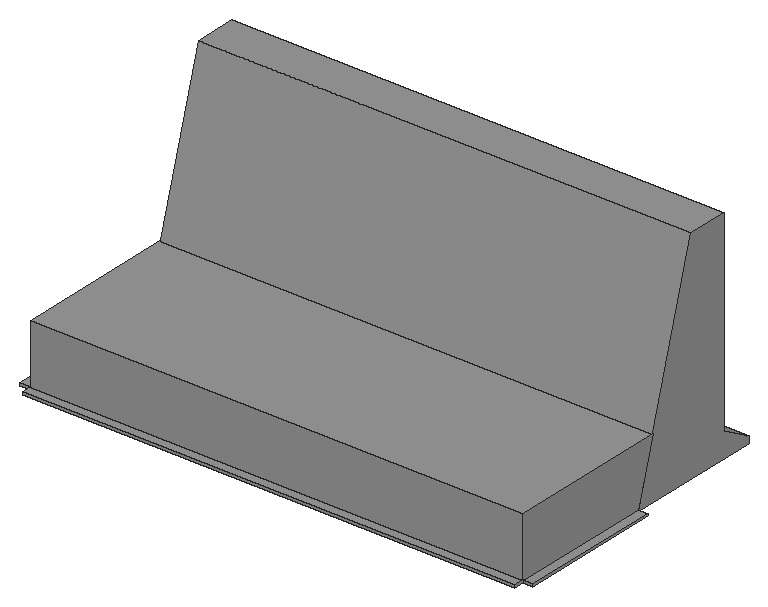
Revit family "Lavatory_Deck-Willoughby-CWLD-2", category Plumbing Fixtures, Revit 2015
Parameters (values of type "Standard")
  water line = Copper
  Waste Connection = no
  Vent Connection = no
  URL = "https://www.willoughby-ind.com/wp-content/uploads/2018/01/CWLD.pdf"
  Revision = "A"
  Model = "CWLD-2"
  Manufacturer = "Willoughby Industries"
  LAV HW DIA = 1/2"
  LAV CW DIA = 1/2"
  HW Connection = yes
  Fixture Body = Stainless Steel AISI 304-Willoughby
  Description = "2 Station Lavatory Deck"
  Default Elevation = 0' - 0"
  Contact = "(800) 428-4065"
  CW Connection = yes
Reference planes (in)
  plane 1 "Center (Front/Back)Floor Lewvel": y = 0
  plane 2: z = 0
  plane 3 "Center (Left/Right)": x = 0
  plane 4 "Deck HGT": y = 34
  plane 5 "Top Of unit": y = 37
  plane 6: y = 30
  plane 7 "Base Off Floor": y = 9.5
  plane 8: y = 23.5
  plane 9: x = 24
  plane 10: z = 0.75
  plane 11: z = 2.5
  plane 12 "Front Of Deck": z = 21.5
  plane 13: z = 6
  plane 14: z = 12.125
  plane 15: x = 24
  plane 16: x = -24
  plane 17 "Water Connections": y = 12
  plane 18: x = -2
  plane 19: x = 2
Forms (in)
  Extrusion 1, solid, material "Stainless Steel AISI 304-Willoughby" <- "Fixture Body"
    sketch origin (0, 0, 0) x (0, 1, 0) y (0, 0, 1)
      loop
        line (37, 0) -> (37, 0.75) -> (34, 2.5) -> (34, 21.5) -> (30, 21.5) -> (23.5, 0) -> (37, 0)
    from -24 to 24
  Extrusion 2, solid, material "Stainless Steel AISI 304-Willoughby" <- "Fixture Body"
    sketch origin (0, 0, 0) x (0, 1, 0) y (0, 0, 1)
      loop
        line (23.5, 0) -> (25.31395, 6) -> (9.5, 6) -> (9.5, 0) -> (23.5, 0)
    from -24 to 24
  Revolve 3, void
    sketch origin (12, 0, 0) x (0, 1, 0) y (0, 0, 1)
      loop
        line (34.13753, 12.125) -> (29, 12.125) -> (29, 10.875)
        arc (29, 10.875) -> (30.43353, 6.66829) -> (34.13753, 4.21232) r 6.88906
        line (34.13753, 4.21232) -> (34.13753, 12.125)
      axis (34.13753, 12.125) -> (29, 12.125)
    angle from 0 to 360
  Revolve 4, void
    sketch origin (-12, 0, 0) x (0, 1, 0) y (0, 0, 1)
      loop
        line (34.13753, 12.125) -> (29, 12.125) -> (29, 10.875)
        arc (29, 10.875) -> (30.43353, 6.66829) -> (34.13753, 4.21232) r 6.88906
        line (34.13753, 4.21232) -> (34.13753, 12.125)
      axis (34.13753, 12.125) -> (29, 12.125)
    angle from 0 to 360
  Revolve 5, solid, material "Copper" <- "water line"
    sketch origin (-2, 12, 0) x (-1, 0, 0) y (0, 0, 1)
      loop
        line (-4, 0) -> (-3.75, 0) -> (-3.75, 2.5) -> (-4, 2.5) -> (-4, 0)
      axis (-4, 2.5) -> (-4, 0)
    angle from 0 to 360
  Revolve 6, solid, material "Copper" <- "water line"
    sketch origin (-6, 12, 0) x (-1, 0, 0) y (0, 0, 1)
      loop
        line (-4, 0) -> (-3.75, 0) -> (-3.75, 2.5) -> (-4, 2.5) -> (-4, 0)
      axis (-4, 2.5) -> (-4, 0)
    angle from 0 to 360
  Extrusion 7, solid, material "Stainless Steel AISI 304-Willoughby" <- "Fixture Body"
    sketch origin (0, 0, 0) x (1, 0, 0) y (0, 1, 0)
      loop
        line (-24, 23.5) -> (-25, 23.5) -> (-25, 9.5) -> (-24, 9.5) -> (-24, 23.5)
    from 0 to 0.1875
  Extrusion 8, solid, material "Stainless Steel AISI 304-Willoughby" <- "Fixture Body"
    sketch origin (0, 0, 0) x (1, 0, 0) y (0, 1, 0)
      loop
        line (-24, 9.5) -> (-24, 8.5) -> (24, 8.5) -> (24, 9.5) -> (-24, 9.5)
    from 0 to 0.1875
  Extrusion 9, solid, material "Stainless Steel AISI 304-Willoughby" <- "Fixture Body"
    sketch origin (0, 0, 0) x (1, 0, 0) y (0, 1, 0)
      loop
        line (24, 9.5) -> (25, 9.5) -> (25, 23.5) -> (24, 23.5) -> (24, 9.5)
    from 0 to 0.1875
  Extrusion 10, solid
    sketch origin (0, 0, 0) x (1, 0, 0) y (0, 1, 0)
      loop
        circle (9, 23) r 0.75
    from 0 to -0.0625
  Extrusion 11, solid
    sketch origin (-24, 0, 0) x (1, 0, 0) y (0, 1, 0)
      loop
        circle (9, 23) r 0.75
    from 0 to -0.0625
Cuts and joins
  Revolve 3, Revolve 4 cuts Extrusion 1
Lines and regions (in)
  symbolic lines
    curve 1: line (24, 9.5, 0) -> (24, 37, 0)
    curve 2: line (24, 37, 0) -> (-24, 37, 0)
    curve 3: line (-24, 37, 0) -> (-24, 9.5, 0)
    curve 6: line (-24, 30, 0) -> (24, 30, 0)
    curve 7: line (24, 34, 0) -> (-24, 34, 0)
    curve 17: line (24, 12, 0.1875) -> (24, 12, 21.5)
    curve 18: line (24, 12, 21.5) -> (-24, 12, 21.5)
    curve 19: line (-24, 12, 21.5) -> (-24, 12, 0)
    curve 20: line (-24, 12, 0) -> (24, 12, 0)
    curve 32: line (0, 9.5, 0) -> (0, 37, 0)
    curve 33: line (0, 37, 0) -> (0, 37, 0.75)
    curve 34: line (0, 37, 0.75) -> (0, 34, 2.5)
    curve 35: line (0, 34, 2.5) -> (0, 34, 21.5)
    curve 36: line (0, 34, 21.5) -> (0, 30, 21.5)
    curve 37: line (0, 30, 21.5) -> (0, 25.31395, 6)
    curve 38: line (0, 25.31395, 6) -> (0, 9.5, 6)
    curve 39: line (0, 9.5, 6) -> (0, 9.5, 0)
    curve 40: line (24, 9.5, 0) -> (-24, 9.5, 0)
  symbolic lines, detail levels medium+fine
    curve 4: line (-24, 23.5, 0) -> (24, 23.5, 0)
    curve 5: line (24, 25.31395, 0) -> (-24, 25.31395, 0)
    curve 27: line (-24, 12, 0.75) -> (24, 12, 0.75)
    curve 28: line (24, 12, 2.5) -> (-24, 12, 2.5)
    curve 31: line (24, 12, 0.1875) -> (-24, 12, 0.1875)
  symbolic lines, detail levels fine
    curve 8: line (-24, 23.5, 0) -> (-25, 23.5, 0)
    curve 9: line (-25, 23.5, 0) -> (-25, 9.5, 0)
    curve 10: line (-25, 9.5, 0) -> (-24, 9.5, 0)
    curve 11: line (-24, 8.5, 0) -> (24, 8.5, 0)
    curve 12: line (24, 8.5, 0) -> (24, 9.5, 0)
    curve 13: line (25, 9.5, 0) -> (25, 23.5, 0)
    curve 14: line (25, 23.5, 0) -> (24, 23.5, 0)
    curve 15: line (-24, 9.5, 0) -> (-24, 8.5, 0)
    curve 16: line (24, 9.5, 0) -> (25, 9.5, 0)
    curve 21: line (24, 12, 0) -> (25, 12, 0)
    curve 22: line (25, 12, 0) -> (25, 12, 0.1875)
    curve 23: line (25, 12, 0.1875) -> (24, 12, 0.1875)
    curve 24: line (-24, 12, 0.1875) -> (-25, 12, 0.1875)
    curve 25: line (-25, 12, 0.1875) -> (-25, 12, 0)
    curve 26: line (-25, 12, 0) -> (-24, 12, 0)
    curve 29: circle (-12, 12, 12.125) r 7.875 normal (0, 1, 0)
    curve 30: circle (12, 12, 12.125) r 7.875 normal (0, 1, 0)
Dimensions and locks (in)
  plane 1 "Center (Front/Back)Floor Lewvel" to plane 7 "Base Off Floor" = 0' - 9 1/2"
  plane 8 to plane 7 "Base Off Floor" = 1' - 2"
  plane 5 "Top Of unit" to plane 4 "Deck HGT" = 0' - 3"
  plane 4 "Deck HGT" to plane 6 = 0' - 4"
  plane 12 "Front Of Deck" to level = 1' - 9 1/2"
  plane 13 to level = 0' - 6"
  locked: plane 5 "Top Of unit" to plane 7 "Base Off Floor" at 27.5
  plane 1 "Center (Front/Back)Floor Lewvel" to plane 5 "Top Of unit" = 3' - 1"
  locked: plane 17 "Water Connections" to plane 7 "Base Off Floor" at 2.5
  locked: plane 16 to plane 3 "Center (Left/Right)" at 24
  plane 15 to plane 9 = 0' - 0"
  plane 3 "Center (Left/Right)" to plane 9 = 2' - 0"
  plane 16 to plane 15 = 4' - 0"
  locked: cut or joined group of Extrusion 1, Revolve 3, Revolve 4 to cut or joined group of Extrusion 1, Revolve 3, Revolve 4 at 24
  level to plane 12 "Front Of Deck" = 1' - 9 1/2"
  plane 3 "Center (Left/Right)" to plane 19 = 0' - 2"
  plane 18 to plane 3 "Center (Left/Right)" = 0' - 2"
  group 2 to group 1 = 2' - 0"
  group 1 to group 2 = 0' - 0"  (x2)
  aligned and locked: plane 4 "Deck HGT" to Extrusion 1
  aligned and locked: plane 12 "Front Of Deck" to Extrusion 1
  aligned and locked: Extrusion 1 to level
  aligned and locked: plane 5 "Top Of unit" to Extrusion 1
  aligned and locked: Extrusion 1 to Extrusion 2 sketch curve
  aligned and locked: Extrusion 2 to plane 7 "Base Off Floor"
  aligned and locked: plane 13 to Extrusion 2
  aligned and locked: Extrusion 2 to level
  aligned and locked: Extrusion 2 to Extrusion 1
  aligned and locked: Revolve 5 sketch curve to Revolve 5 sketch curve  (x2)
  aligned and locked: Revolve 6 sketch curve to Revolve 6 sketch curve  (x2)
  aligned and locked: plane 7 "Base Off Floor" to Extrusion 8
  aligned and locked: Extrusion 8 to plane 9
  aligned and locked: plane 8 to Extrusion 9
  aligned and locked: plane 9 to Extrusion 9
  aligned and locked: Extrusion 9 to plane 7 "Base Off Floor"
  aligned and locked: Extrusion 1 to plane 16
  aligned and locked: curve 26 to Extrusion 7
  aligned and locked: level to curve 21
  aligned and locked: Extrusion 9 to curve 21
  aligned and locked: curve 40 to curve 16
Connectors (in)
  piping at (-2, 12, 0), diameter 0.5, driven by "HW Connection", driven by "LAV HW DIA"
    settings: on Revolve 6, index 1, connector inside diameter 24", connector length 0' - 0", flow factor 0, pipe flow 0 GPM, pressure drop 0.00 psi, fitting loss kfactor 0, connector angle 0.00°, fixture units 0, engagement length 0' - 0", angle of deflection 0.00°, flow configuration 0, flow direction 1, fitting loss method 0, system type 19, joint type 0, gender type 0, connector reference index -1, connector utility 1, adjustable connector no, is connector primary yes, connector description "HW Inlet"
  piping at (2, 12, 0), diameter 0.5, driven by "CW Connection", driven by "LAV CW DIA"
    settings: on Revolve 5, index 2, connector inside diameter 24", connector length 0' - 0", flow factor 0, pipe flow 0 GPM, pressure drop 0.00 psi, fitting loss kfactor 0, connector angle 0.00°, fixture units 0, engagement length 0' - 0", angle of deflection 0.00°, flow configuration 0, flow direction 1, fitting loss method 0, system type 20, joint type 0, gender type 0, connector reference index -1, connector utility 1, adjustable connector no, is connector primary no, connector description "CW Inlet"
